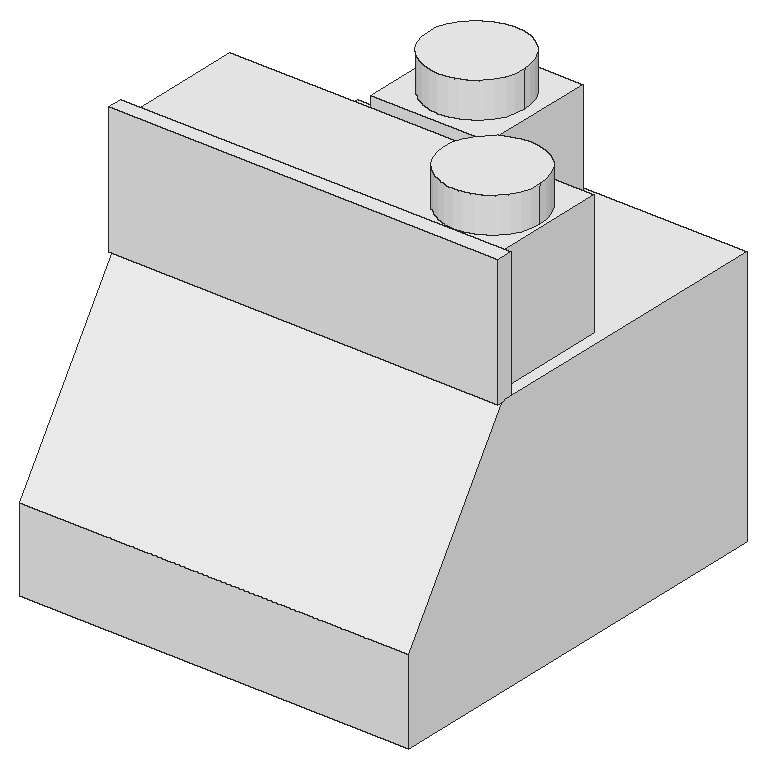
Revit family "レンジフードファン(ブース形自然給気タイプ)2", category 機械設備, Revit 2019
Family settings
  丸型コネクタ寸法 = 直径を使用
  パーツ タイプ = 標準
  OmniClass 番号 = 23.75.35.17.27
  OmniClass タイトル = Centrifugal Fans
  作業面ベース = いいえ
  常に垂直 = はい
  ロード時にボイドで切り取り = いいえ
  共有 = いいえ
  部屋計算ポイント = いいえ
Parameters (values of type "V-604KQE9")
  騒音レベル(dB(A)) = 39.5
  風量 = 600.0 m³/h
  電源種別 [instance] = ""
  電圧 = 100 V
  電動機出力 = 0 W
  電動機_種別 = ""
  集中コントローラ = ""
  運転質量 = 0.00 kg
  連動 [instance] = ""
  質量 = if(製品質量 > 運転質量, 製品質量, 運転質量) * 1.2  # 25.80 kg
  負荷分類 = 3_ファン類
  説明 = "レンジフードファン 深形 自然給気タイプ"
  設計風量 = 0.0 m³/h
  設置方法 = "天吊"
  記号 [instance] = ""
  製造元 = "三菱電機株式会社"
  製品質量 = 21.50 kg
  製品出荷対象 = "国内"
  製品リリース年月 = "2022年6月1日"
  製品グループ = ""
  系統 [instance] = ""
  符号 = if(☑給気／□排気, "FS", "FE")  # "FE"
  積算_科目 = "2 換気設備"
  積算_拾い区分 [instance] = ""
  相 = 1
  盤記号 [instance] = ""
  発停方法 [instance] = ""
  特殊仕様 [instance] = ""
  火災停止 [instance] = ""
  消費電力 = 79 W
  法定耐用年数 = "15"
  機外静圧_排気 = 210.0 Pa
  機外静圧 = 0.0 Pa
  極数 = 2
  材質 [instance] = ""
  操作・制御方式 = ""
  操作・制御スイッチ = ""
  排気量 = 0.0 m³/h
  形式 = "片吸込形"
  幹線記号 [instance] = ""
  対象室 [instance] = ""
  実風量 = 0.0 m³/h
  始動方式 [instance] = "直入"
  天吊用穴_ピッチ = 480 mm
  天吊用穴_D = 255 mm
  外気量 = 0.0 m³/h
  呼称 = "遠心送風機"
  周波数 = 50 Hz
  参照している仕様書等のバージョン = ""
  分類コード = "50052503100060"
  分類グループ = ""
  価格 = 164000
  企業コード = "108420"
  付属品_フィルター_還気 = ""
  付属品_フィルター = ""
  付属品 [instance] = ""
  仕様書バージョン = "Version1.0"
  上幕板_左側面 = no
  上幕板_右側面 = no
  モデル = "V-604KQE9"
  マテリアル = 鋼板(白)
  ファンの種類 = ""
  ダクト径 = 150 mm
  コメント [instance] = ""
  Keynote = ""
  Assembly Code = ""
  ☑給気／□排気 = no
  Width = 600 mm
  W1 = Width / 2  # 300 mm
  Version = ""
  Uniclass2015Version = "Systems v1.9"
  Uniclass2015Title = "Centrifugal fans"
  Uniclass2015Code = "Pr_65_67_29_12"
  URL = "https://www.mitsubishielectric.co.jp/ldg/wink/ssl/displayProduct.do?pid=320916"
  SpecificationReference = ""
  SpecificationDescription = ""
  SAダクト接続口_左側面 = no
  SAダクト接続口_左上部 = no
  SAダクト接続口_右後部 = no
  SAダクト接続口_右側面 = no
  SAサイズ_D = 148 mm
  Revision = ""
  ProductInformation = ""
  OmniClassCode = "23-33 31 19 13 15"
  H2 = 600 mm
  SAダクト接続口_左後部 = no
  MIN風量 = 230.0 m³/h
  MIN静圧 = 0.0 Pa
  MID風量 = 350.0 m³/h
  MID静圧 = 0.0 Pa
  MAX風量 = 600.0 m³/h
  MAX静圧 = 0.0 Pa
  IfcTypeProduct = ""
  IfcProduct = ""
  IfcExportType = "CENTRIFUGALFORWARDCURVED"
  IfcExportAs = "IfcFanType"
  Height = 400 mm
  H1 = 129 mm
  SAダクト接続口_右上部 = yes
  EAダクト接続口_後部 = no
  EAダクト接続口_左側面 = no
  EAダクト接続口_右側面 = no
  EAダクト接続口_上部 = yes
  EAサイズ_D = 148 mm
  Duct_SA_Shutter_Width = 560 mm
  Duct_SA_Shutter_Height = 190 mm
  Duct_SA_Shutter_D = 270 mm
  Duct_SA_Pitch = 400 mm
  Duct_SA_D = 365 mm
  Duct_Height = 55 mm
  Duct_EA_Shutter_Width = 182 mm
  Duct_EA_Shutter_Height = 182 mm
  Duct_EA_Shutter_Depth = 182 mm
  Duct_EA_H = 91 mm
  Duct_EA_D = 145 mm
  Duct_SA_H = 500 mm
  Depth = 650 mm
  D3 = 160 mm
  D2 = 480 mm
  D1 = 469 mm
  Clearance Top = 0 mm
  Clearance Right = 0 mm
  Clearance Left = 0 mm
  Clearance Front = 0 mm
  Clearance Bottom = 0 mm
  Clearance Back = 0 mm
  Author = "三菱電機株式会社"
Types (5, lengths in mm): name | 質量 | 製品質量 | 価格 | モデル | Width | W1 | URL | MIN風量 | MID風量
  V-604KQE9 | 25.80 kg | 21.50 kg | 164000 | "V-604KQE9" | 600 | 300 | "https://www.mitsubishielectric.co.jp/ldg/wink/ssl/displayProduct.do?pid=320916" | 230.0 m³/h | 350.0 m³/h
  V-604KQESW8 | 25.80 kg | 21.50 kg | 149100 | "V-604KQESW8" | 600 | 300 | "https://www.mitsubishielectric.co.jp/ldg/wink/ssl/displayProduct.do?pid=320917" | 350.0 m³/h | 0.0 m³/h
  V-754KQE9 | 28.20 kg | 23.50 kg | 196800 | "V-754KQE9" | 750 | 375 | "https://www.mitsubishielectric.co.jp/ldg/wink/ssl/displayProduct.do?pid=320930" | 230.0 m³/h | 350.0 m³/h
  V-754KQESW8 | 28.20 kg | 23.50 kg | 178900 | "V-754KQESW8" | 750 | 375 | "https://www.mitsubishielectric.co.jp/ldg/wink/ssl/displayProduct.do?pid=320931" | 230.0 m³/h | 350.0 m³/h
  V-904KQE9 | 30.60 kg | 25.50 kg | 231100 | "V-904KQE9" | 900 | 450 | "https://www.mitsubishielectric.co.jp/ldg/wink/ssl/displayProduct.do?pid=320566" | 230.0 m³/h | 350.0 m³/h
Reference planes
  plane 1 "中心(正面/背面)": y = 0
  plane 2: z = 0
  plane 3 "中心(左/右)": x = 0
  plane 4: x = -300
  plane 5: x = 300
  plane 6: y = -650
  plane 7: z = -400
  plane 8: z = -271
  plane 9: y = -325
  plane 10: y = -469
  plane 11: y = -145
  plane 12: z = 200
  plane 13: y = -270
  plane 14: y = -480
  plane 15: x = 200
  plane 16: x = -200
  plane 17: z = 245
  plane 18: z = 100
  plane 19: y = -215
  plane 20: y = -365
  plane 21: z = 237
  plane 22: y = -255
  plane 23: x = -240
  plane 24: x = 240
  plane 25: x = -150
  plane 26: x = 150
  plane 27: y = -455
  plane 28: x = -280
  plane 29: x = 280
  plane 30: z = 190
  plane 31: y = -320
  plane 32: x = 335
  plane 33: x = -335
  plane 34: y = -54
  plane 35: y = -236
  plane 36: x = -91
  plane 37: x = 91
  plane 38: z = 182
  plane 39: z = 91
  plane 40: y = 1
  plane 41: x = 146
  plane 42: x = -146
  plane 43: x = -285
  plane 44: x = 285
Forms (mm)
  Extrusion 1, solid, material "鋼板(白)" <- "マテリアル", detail levels fine
    sketch origin (0, 0, 0) x (1, 0, 0) y (0, 1, 0)
      loop
        line (-300, 0) -> (-300, -469) -> (300, -469) -> (300, 0) -> (-300, 0)
    from -400 to 0
  Blend 2, solid, material "鋼板(白)" <- "マテリアル", detail levels fine
    base sketch origin (0, 0, 0) x (1, 0, 0) y (0, 0, 1)
      loop
        line (-300, -400) -> (300, -400) -> (300, 0) -> (-300, 0) -> (-300, -400)
    top sketch origin (0, 0, 0) x (1, 0, 0) y (0, 0, 1)
      loop
        line (-300, -400) -> (300, -400) -> (300, -271) -> (-300, -271) -> (-300, -400)
    from 469 to 650
  Extrusion 3, solid, material "鋼板(白)" <- "マテリアル", visible <- "EAダクト接続口_上部", detail levels fine
    sketch origin (0, 0, 0) x (1, 0, 0) y (0, 1, 0)
      loop
        circle (0, -145) r 74
    from 182 to 237
  Extrusion 4, solid, material "鋼板(白)" <- "マテリアル", detail levels fine
    sketch origin (0, 0, 0) x (1, 0, 0) y (0, 1, 0)
      loop
        line (-300, -455) -> (-300, -480) -> (300, -480) -> (300, -455) -> (-300, -455)
    from 0 to 200
  Extrusion 5, solid, material "鋼板(白)" <- "マテリアル", visible <- "SAダクト接続口_右上部", detail levels fine
    sketch origin (0, 0, 0) x (1, 0, 0) y (0, 1, 0)
      loop
        circle (200, -365) r 74
    from 190 to 245
  Extrusion 6, solid, material "鋼板(白)" <- "マテリアル", visible <- "SAダクト接続口_左後部", detail levels fine
    sketch origin (0, 0, 0) x (1, 0, 0) y (0, 0, 1)
      loop
        circle (-200, 100) r 74
    from 215 to 270
  Extrusion 7, solid, material "鋼板(白)" <- "マテリアル", visible <- "SAダクト接続口_右後部", detail levels fine
    sketch origin (0, 0, 0) x (1, 0, 0) y (0, 0, 1)
      loop
        circle (200, 100) r 74
    from 215 to 270
  Extrusion 8, solid, material "鋼板(白)" <- "マテリアル"
    sketch origin (0, 0, 0) x (1, 0, 0) y (0, 1, 0)
      loop
        line (-280, -270) -> (-280, -455) -> (280, -455) -> (280, -270) -> (-280, -270)
    from 0 to 190
  Extrusion 9, solid, material "鋼板(白)" <- "マテリアル", visible <- "上幕板_左側面"
    sketch origin (0, 0, 0) x (1, 0, 0) y (0, 1, 0)
      loop
        line (-285, -455) -> (-285, -320) -> (-300, -320) -> (-300, -455) -> (-285, -455)
    from 0 to 200
  Extrusion 10, solid, material "鋼板(白)" <- "マテリアル", visible <- "上幕板_右側面"
    sketch origin (0, 0, 0) x (-1, 0, 0) y (0, -1, 0)
      loop
        line (-285, 455) -> (-300, 455) -> (-300, 320) -> (-285, 320) -> (-285, 455)
    from 0 to 200
  Extrusion 11, solid, material "鋼板(白)" <- "マテリアル", visible <- "SAダクト接続口_左側面"
    sketch origin (0, 0, 0) x (0, 1, 0) y (0, 0, 1)
      loop
        circle (-365, 100) r 74
    from -335 to -280
  Extrusion 12, solid, material "鋼板(白)" <- "マテリアル", visible <- "SAダクト接続口_右側面"
    sketch origin (0, 0, 0) x (0, 1, 0) y (0, 0, 1)
      loop
        circle (-365, 100) r 74
    from 280 to 335
  Extrusion 13, solid, material "鋼板(白)" <- "マテリアル", visible <- "SAダクト接続口_左上部"
    sketch origin (0, 0, 0) x (1, 0, 0) y (0, 1, 0)
      loop
        circle (-200, -365) r 74
    from 190 to 245
  Extrusion 14, solid, material "鋼板(白)" <- "マテリアル"
    sketch origin (0, 0, 0) x (1, 0, 0) y (0, 1, 0)
      loop
        line (-91, -54) -> (-91, -236) -> (91, -236) -> (91, -54) -> (-91, -54)
    from 0 to 182
  Extrusion 15, solid, material "鋼板(白)" <- "マテリアル", visible <- "EAダクト接続口_後部"
    sketch origin (0, 0, 0) x (1, 0, 0) y (0, 0, 1)
      loop
        circle (0, 91) r 74
    from -1 to 54
  Extrusion 16, solid, material "鋼板(白)" <- "マテリアル", visible <- "EAダクト接続口_左側面"
    sketch origin (0, 0, 0) x (0, 1, 0) y (0, 0, 1)
      loop
        circle (-145, 91) r 74
    from -146 to -91
  Extrusion 17, solid, material "鋼板(白)" <- "マテリアル", visible <- "EAダクト接続口_右側面"
    sketch origin (0, 0, 0) x (0, 1, 0) y (0, 0, 1)
      loop
        circle (-145, 91) r 74
    from 91 to 146
Cuts and joins
  joined: Extrusion 1, Blend 2
Lines and regions (mm)
  Masking region 1, detail levels coarse+medium
    outline origin (1326.5, 29, 0) x (1, 0, 0) y (0, 1, 0)
      loop
        line (-1626.5, -29) -> (-1626.5, -679) -> (-1026.5, -679) -> (-1026.5, -29) -> (-1626.5, -29)
  symbolic lines, detail levels coarse+medium
    curve 1: circle (-150, -325, 0) r 150 normal (0, 0, 1)
    curve 2: circle (150, -325, 0) r 150 normal (0, 0, 1)
Dimensions and locks
  equal spacing: plane 4, plane 3 "中心(左/右)", plane 5
  "Width": plane 4 to plane 5
  equal spacing: plane 6, plane 9, plane 1 "中心(正面/背面)"
  "Depth": plane 1 "中心(正面/背面)" to plane 6
  "D1": plane 1 "中心(正面/背面)" to plane 10
  "Duct_EA_D": plane 1 "中心(正面/背面)" to plane 11
  "Height": level to plane 7
  "H1": plane 8 to plane 7
  "H2": plane 12 to plane 7
  "D2": plane 1 "中心(正面/背面)" to plane 14
  "Duct_SA_Shutter_D": plane 1 "中心(正面/背面)" to plane 13
  "Duct_SA_D": plane 1 "中心(正面/背面)" to plane 20
  equal spacing: plane 16, plane 3 "中心(左/右)", plane 15
  "Duct_SA_Pitch": plane 16 to plane 15
  "Duct_Height": plane 19 to plane 13
  "天吊用穴_D": plane 22 to plane 1 "中心(正面/背面)"
  equal spacing: plane 23, plane 3 "中心(左/右)", plane 24
  "天吊用穴_ピッチ": plane 23 to plane 24
  equal spacing: plane 4, plane 25, plane 3 "中心(左/右)"
  equal spacing: plane 3 "中心(左/右)", plane 26, plane 5
  locked: plane 27 to plane 14 at 25
  equal spacing: plane 28, plane 3 "中心(左/右)", plane 29
  "Duct_SA_Shutter_Width": plane 28 to plane 29
  "Duct_SA_Shutter_Height": plane 30 to level
  "D3": plane 31 to plane 14
  "Duct_SA_H": plane 18 to plane 7
  "Duct_Height": plane 29 to plane 32
  "Duct_Height": plane 33 to plane 28
  "Duct_Height": plane 17 to plane 30
  "Duct_EA_Shutter_Depth": plane 34 to plane 35
  equal spacing: plane 34, plane 11, plane 35
  equal spacing: plane 36, plane 3 "中心(左/右)", plane 37
  "Duct_EA_Shutter_Width": plane 36 to plane 37
  "Duct_EA_Shutter_Height": plane 38 to level
  "Duct_Height": plane 21 to plane 38
  "Duct_EA_H": plane 39 to level
  "Duct_Height": plane 40 to plane 34
  "Duct_Height": plane 42 to plane 36
  "Duct_Height": plane 37 to plane 41
  locked: plane 4 to plane 43 at 15
  locked: plane 44 to plane 5 at 15
  "EAサイズ_D": diameter of Extrusion 6 sketch curve
  "SAサイズ_D": diameter of Extrusion 7 sketch curve
  "EAサイズ_D": diameter of Extrusion 3 sketch curve
  "W1": diameter of curve 1
  "W1": diameter of curve 2
  "SAサイズ_D": diameter of Extrusion 11 sketch curve
  "SAサイズ_D": diameter of Extrusion 12 sketch curve
  "SAサイズ_D": diameter of Extrusion 5 sketch curve
  "SAサイズ_D": diameter of Extrusion 13 sketch curve
  "EAサイズ_D": diameter of Extrusion 15 sketch curve
  "EAサイズ_D": diameter of Extrusion 16 sketch curve
  "EAサイズ_D": diameter of Extrusion 17 sketch curve
  aligned and locked: level to plane 2
  aligned and locked: Masking region 1 to plane 4
  aligned and locked: plane 5 to Masking region 1
  aligned and locked: Masking region 1 to plane 6
  aligned and locked: Masking region 1 to plane 1 "中心(正面/背面)"
  aligned and locked: plane 1 "中心(正面/背面)" to Extrusion 1 sketch curve
  aligned and locked: plane 4 to Extrusion 1 sketch curve
  aligned and locked: plane 10 to Extrusion 1 sketch curve
  aligned and locked: Extrusion 1 sketch curve to plane 5
  aligned and locked: Blend 2 sketch curve to plane 7  (x2)
  aligned and locked: level to Blend 2 sketch curve
  aligned and locked: Blend 2 sketch curve to plane 5
  aligned and locked: Blend 2 sketch curve to plane 4
  aligned and locked: var sketch to Blend 2 sketch curve
  aligned and locked: Extrusion 1 to plane 7
  aligned and locked: level to Extrusion 1
  aligned and locked: Blend 2 to plane 6
  aligned and locked: plane 10 to Blend 2
  aligned and locked: plane 8 to Blend 2 sketch curve
  aligned and locked: plane 4 to Extrusion 4 sketch curve
  aligned and locked: plane 14 to Extrusion 4 sketch curve
  aligned and locked: Extrusion 4 sketch curve to plane 5
  aligned and locked: plane 12 to Extrusion 4
  aligned and locked: Extrusion 4 to level
  aligned and locked: plane 17 to Extrusion 5
  aligned and locked: plane 19 to Extrusion 6
  aligned and locked: plane 19 to Extrusion 7
  aligned and locked: Extrusion 6 to plane 13
  aligned and locked: Extrusion 7 to plane 13
  aligned and locked: plane 21 to Extrusion 3
  aligned and locked: nested 1 to plane 22
  aligned and locked: plane 23 to nested 1
  aligned and locked: plane 24 to nested 1
  aligned and locked: Extrusion 4 sketch curve to plane 27
  aligned and locked: Extrusion 8 sketch curve to plane 13
  aligned and locked: plane 29 to Extrusion 8
  aligned and locked: Extrusion 8 to plane 28
  aligned and locked: Extrusion 8 to plane 27
  aligned and locked: plane 30 to Extrusion 8
  aligned and locked: Extrusion 8 to level
  aligned and locked: Extrusion 9 sketch curve to plane 31
  aligned and locked: plane 27 to Extrusion 9 sketch curve
  aligned and locked: plane 4 to Extrusion 9 sketch curve
  aligned and locked: plane 5 to Extrusion 10 sketch curve
  aligned and locked: plane 31 to Extrusion 10 sketch curve
  aligned and locked: Extrusion 10 sketch curve to plane 27
  aligned and locked: plane 12 to Extrusion 10
  aligned and locked: Extrusion 10 to level
  aligned and locked: plane 12 to Extrusion 9
  aligned and locked: Extrusion 9 to level
  aligned and locked: plane 32 to Extrusion 12
  aligned and locked: Extrusion 12 to plane 29
  aligned and locked: plane 33 to Extrusion 11
  aligned and locked: plane 28 to Extrusion 11
  aligned and locked: Extrusion 5 to plane 30
  aligned and locked: plane 17 to Extrusion 13
  aligned and locked: Extrusion 13 to plane 30
  aligned and locked: Extrusion 14 sketch curve to plane 34
  aligned and locked: plane 36 to Extrusion 14 sketch curve
  aligned and locked: Extrusion 14 sketch curve to plane 37
  aligned and locked: plane 35 to Extrusion 14 sketch curve
  aligned and locked: plane 38 to Extrusion 14
  aligned and locked: Extrusion 14 to level
  aligned and locked: Extrusion 3 to plane 38
  aligned and locked: Extrusion 15 to plane 34
  aligned and locked: plane 40 to Extrusion 15
  aligned and locked: plane 41 to Extrusion 17
  aligned and locked: Extrusion 17 to plane 37
  aligned and locked: plane 42 to Extrusion 16
  aligned and locked: plane 36 to Extrusion 16
  aligned and locked: Extrusion 9 sketch curve to plane 43
  aligned and locked: plane 44 to Extrusion 10 sketch curve
Automatic sketch dimensions
  curve 1 to plane 9 = 0 mm
  curve 1 to plane 25 = 0 mm
  curve 2 to plane 9 = 0 mm
  curve 2 to plane 26 = 0 mm
  Masking region 1 sketch curve to plane 4 = 0 mm
  Masking region 1 sketch curve to plane 5 = 0 mm
  Masking region 1 sketch curve to plane 6 = 0 mm
  plane 1 "中心(正面/背面)" to Masking region 1 sketch curve = 0 mm
  Blend 2 sketch curve to plane 4 = 0 mm
  Extrusion 3 sketch curve to plane 3 "中心(左/右)" = 0 mm
  Extrusion 3 sketch curve to plane 11 = 0 mm
  Extrusion 6 sketch curve to plane 16 = 0 mm
  Extrusion 6 sketch curve to plane 18 = 0 mm
  Extrusion 7 sketch curve to plane 15 = 0 mm
  Extrusion 7 sketch curve to plane 18 = 0 mm
  Extrusion 8 sketch curve to plane 27 = 0 mm
  Extrusion 8 sketch curve to plane 28 = 0 mm
  Extrusion 8 sketch curve to plane 29 = 0 mm
  Extrusion 11 sketch curve to plane 18 = 0 mm
  Extrusion 11 sketch curve to plane 20 = 0 mm
  Extrusion 12 sketch curve to plane 18 = 0 mm
  Extrusion 12 sketch curve to plane 20 = 0 mm
  Extrusion 5 sketch curve to plane 15 = 0 mm
  Extrusion 5 sketch curve to plane 20 = 0 mm
  Extrusion 13 sketch curve to plane 16 = 0 mm
  Extrusion 13 sketch curve to plane 20 = 0 mm
  Extrusion 15 sketch curve to plane 3 "中心(左/右)" = 0 mm
  Extrusion 15 sketch curve to plane 39 = 0 mm
  Extrusion 16 sketch curve to plane 11 = 0 mm
  Extrusion 16 sketch curve to plane 39 = 0 mm
  Extrusion 17 sketch curve to plane 11 = 0 mm
  Extrusion 17 sketch curve to plane 39 = 0 mm
Nested families
  nested 1: "固定点" at (-240, -255, 0), type "固定点"
    with W 480 mm, D 1000 mm
Connectors
  hvac at (0, -145, 237), driven by "ダクト径", driven by "機外静圧", driven by "風量"
    settings: on Extrusion 3, index 1, duct flow 600.0 m³/h, flow factor 0, pres drop 0.0 Pa, loss coef 0, conn angle 0.00°, conn width 304.8 mm, conn height 304.8 mm, conn diameter 150 mm, duct sys type 3, conn prof type 0, flow config 0, flow direction 2, loss method 4, conn ref index -1, conn util no, is conn primary yes, conn desc ""
  electrical at (0, -234.5, 0), driven by "極数", driven by "負荷分類", driven by "電圧", driven by "消費電力"
    settings: on cut or joined group of Extrusion 1, Blend 2, index 2, voltage 100 V, apparent load 79 VA, apparent load phase1 0 VA, apparent load phase2 0 VA, apparent load phase3 0 VA, power factor 1, load classification "3_ファン類", number of poles 2, system type 30, power factor state 1, is connector primary yes, connector utility no, sub classification motor no, connector description ""
  hvac at (200, -365, 245), driven by "ダクト径", driven by "機外静圧", driven by "風量"
    settings: on Extrusion 5, index 3, duct flow 600.0 m³/h, flow factor 0, pres drop 0.0 Pa, loss coef 0, conn angle 0.00°, conn width 304.8 mm, conn height 304.8 mm, conn diameter 150 mm, duct sys type 1, conn prof type 0, flow config 0, flow direction 1, loss method 4, conn ref index -1, conn util no, is conn primary no, conn desc ""
  hvac at (200, -215, 100), driven by "機外静圧", driven by "風量", driven by "ダクト径"
    settings: on Extrusion 7, index 4, duct flow 600.0 m³/h, flow factor 0, pres drop 0.0 Pa, loss coef 0, conn angle 0.00°, conn width 304.8 mm, conn height 304.8 mm, conn diameter 150 mm, duct sys type 1, conn prof type 0, flow config 0, flow direction 1, loss method 4, conn ref index -1, conn util no, is conn primary no, conn desc ""
  hvac at (-200, -215, 100), driven by "機外静圧", driven by "風量", driven by "ダクト径"
    settings: on Extrusion 6, index 5, duct flow 600.0 m³/h, flow factor 0, pres drop 0.0 Pa, loss coef 0, conn angle 0.00°, conn width 304.8 mm, conn height 304.8 mm, conn diameter 150 mm, duct sys type 1, conn prof type 0, flow config 0, flow direction 1, loss method 4, conn ref index -1, conn util no, is conn primary no, conn desc ""
  hvac at (335, -365, 100), driven by "ダクト径", driven by "機外静圧", driven by "風量"
    settings: on Extrusion 12, index 6, duct flow 600.0 m³/h, flow factor 0, pres drop 0.0 Pa, loss coef 0, conn angle 0.00°, conn width 304.8 mm, conn height 304.8 mm, conn diameter 150 mm, duct sys type 1, conn prof type 0, flow config 0, flow direction 1, loss method 4, conn ref index -1, conn util no, is conn primary no, conn desc ""
  hvac at (-335, -365, 100), driven by "ダクト径", driven by "機外静圧", driven by "風量"
    settings: on Extrusion 11, index 7, duct flow 600.0 m³/h, flow factor 0, pres drop 0.0 Pa, loss coef 0, conn angle 0.00°, conn width 304.8 mm, conn height 304.8 mm, conn diameter 150 mm, duct sys type 1, conn prof type 0, flow config 0, flow direction 1, loss method 4, conn ref index -1, conn util no, is conn primary no, conn desc ""
  hvac at (-200, -365, 245), driven by "ダクト径", driven by "機外静圧", driven by "風量"
    settings: on Extrusion 13, index 8, duct flow 600.0 m³/h, flow factor 0, pres drop 0.0 Pa, loss coef 0, conn angle 0.00°, conn width 304.8 mm, conn height 304.8 mm, conn diameter 150 mm, duct sys type 1, conn prof type 0, flow config 0, flow direction 1, loss method 4, conn ref index -1, conn util no, is conn primary no, conn desc ""
  hvac at (146, -145, 91), driven by "ダクト径", driven by "機外静圧", driven by "風量"
    settings: on Extrusion 17, index 9, duct flow 600.0 m³/h, flow factor 0, pres drop 0.0 Pa, loss coef 0, conn angle 0.00°, conn width 304.8 mm, conn height 304.8 mm, conn diameter 150 mm, duct sys type 3, conn prof type 0, flow config 0, flow direction 2, loss method 4, conn ref index -1, conn util no, is conn primary no, conn desc ""
  hvac at (0, 1, 91), driven by "ダクト径", driven by "機外静圧", driven by "風量"
    settings: on Extrusion 15, index 10, duct flow 600.0 m³/h, flow factor 0, pres drop 0.0 Pa, loss coef 0, conn angle 0.00°, conn width 304.8 mm, conn height 304.8 mm, conn diameter 150 mm, duct sys type 3, conn prof type 0, flow config 0, flow direction 2, loss method 4, conn ref index -1, conn util no, is conn primary no, conn desc ""
  hvac at (-146, -145, 91), driven by "ダクト径", driven by "機外静圧", driven by "風量"
    settings: on Extrusion 16, index 11, duct flow 600.0 m³/h, flow factor 0, pres drop 0.0 Pa, loss coef 0, conn angle 0.00°, conn width 304.8 mm, conn height 304.8 mm, conn diameter 150 mm, duct sys type 3, conn prof type 0, flow config 0, flow direction 2, loss method 4, conn ref index -1, conn util no, is conn primary no, conn desc ""
Definition of nested family "固定点"
  Parameters (values of type "固定点")
    中心円 = 20 mm
    W [instance] = 1000 mm
    D [instance] = 1000 mm
  Reference planes
    plane 1 "中心(正面/背面)": y = 0
    plane 2: z = 0
    plane 3 "中心(左/右)": x = 0
    plane 4: x = 1000
  Lines and regions (mm)
    symbolic lines, detail levels fine
      curve 1: circle (0, 0, 0) r 10 normal (0, 0, 1)
      curve 2: circle (1000, 0, 0) r 10 normal (0, 0, 1)
      curve 3: line (-200, 0, 0) -> (1200, 0, 0)
      curve 4: line (0, 200, 0) -> (0, -200, 0)
      curve 5: line (1000, 200, 0) -> (1000, -200, 0)
  Dimensions and locks
    "W": plane 3 "中心(左/右)" to plane 4
    "中心円": diameter of curve 1
    "中心円": diameter of curve 2
    aligned and locked: level to plane 2
    aligned and locked: plane 3 "中心(左/右)" to curve 1
    aligned and locked: plane 1 "中心(正面/背面)" to curve 1
    aligned and locked: plane 1 "中心(正面/背面)" to curve 2
    aligned and locked: plane 4 to curve 2
    aligned and locked: plane 1 "中心(正面/背面)" to curve 3
    aligned and locked: curve 4 to plane 3 "中心(左/右)"
    aligned and locked: curve 5 to plane 4
  Automatic sketch dimensions
    curve 3 to plane 3 "中心(左/右)" = 200 mm
    curve 2 to curve 3 = 200 mm
    plane 1 "中心(正面/背面)" to curve 4 = 200 mm
    plane 1 "中心(正面/背面)" to curve 5 = 200 mm
    curve 5 to plane 1 "中心(正面/背面)" = 200 mm
    curve 4 to plane 1 "中心(正面/背面)" = 200 mm
